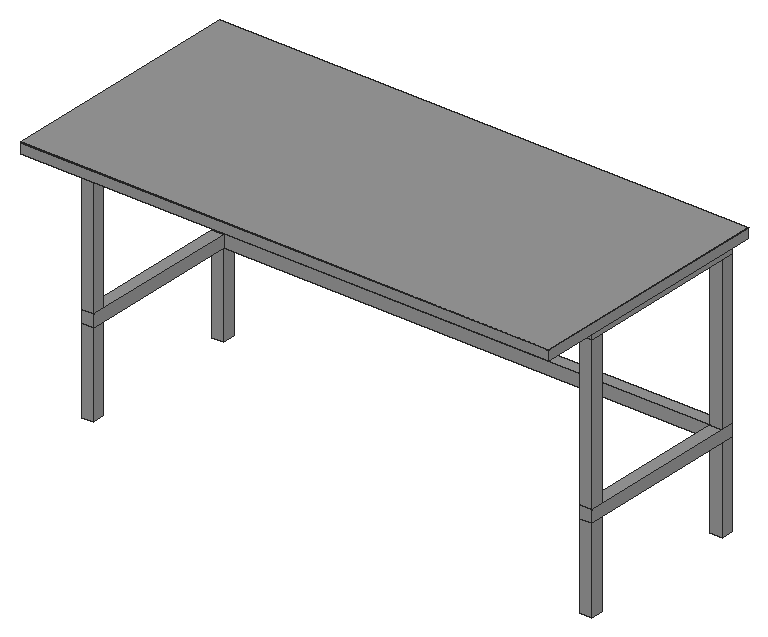
Revit family "SmallBench", category Furniture, Revit 2025
Family settings
  OmniClass Number = 23.40.20.00
  OmniClass Title = General Furniture and Specialties
  Work Plane-Based = No
  Enable Cutting in Views = No
  Always vertical = Yes
  Cut with Voids When Loaded = No
  Render Appearance Source = Family Geometry
  Shared = No
  Room Calculation Point = No
Parameters
  Default Elevation = 0 mm
Reference planes
  plane 1 "CentreLong": y = 0
  plane 2: z = 0
  plane 3 "LeftEdge": x = 0
  plane 4 "FrontEdge": y = -825
  plane 5 "RightEdge": x = 1750
  plane 6 "DrawerFront": y = -610
  plane 7 "LeftSupport": x = 50
  plane 8 "BenchTop": z = 900
  plane 9 "BenchBottom": z = 865
  plane 10 "RightSupport": x = 1700
  plane 11 "BackSupport": y = -50
  plane 12 "DrawerInner": x = 520
Forms (mm)
  Extrusion 1, solid, material "Birch - Glossy"
    sketch origin (0, 0, 0) x (1, 0, 0) y (0, 1, 0)
      loop
        line (0, 0) -> (0, -825) -> (1750, -825) -> (1750, 0) -> (0, 0)
    from 865 to 898
  Extrusion 2, solid, material "Steel, Paint Finish, Dark Gray, Matte"
    sketch origin (1780, -548.097, 0) x (1, 0, 0) y (0, 1, 0)
      loop
        line (-100, 518.097) -> (-100, 478.097) -> (-60, 478.097) -> (-60, 518.097) -> (-100, 518.097)
    from 0 to 825
  Extrusion 3, solid, material "Steel, Paint Finish, Dark Gray, Matte"
    sketch origin (1780, -1115, 0) x (1, 0, 0) y (0, 1, 0)
      loop
        line (-100, 545) -> (-100, 505) -> (-60, 505) -> (-60, 545) -> (-100, 545)
    from 0 to 825
  Extrusion 4, solid, material "Steel, Paint Finish, Dark Gray, Matte"
    sketch origin (-700, -140, 0) x (1, 0, 0) y (0, 1, 0)
      loop
        line (2380, 110) -> (2380, -470) -> (2420, -470) -> (2420, 110) -> (2400, 110) -> (2380, 110)
    from 825 to 865
  Extrusion 5, solid, material "Steel, Paint Finish, Dark Gray, Matte"
    sketch origin (-700, -180, 0) x (1, 0, 0) y (0, 1, 0)
      loop
        line (2380, 150) -> (2380, -430) -> (2420, -430) -> (2420, 150) -> (2380, 150)
    from 280 to 320
  Extrusion 6, solid, not visible
    sketch origin (1780, -548.097, 0) x (1, 0, 0) y (0, 1, 0)
      loop
        line (-100, 518.097) -> (-100, 478.097) -> (-60, 478.097) -> (-60, 518.097) -> (-100, 518.097)
    from 0 to 825
  Extrusion 7, solid, not visible
    sketch origin (1780, -1115, 0) x (1, 0, 0) y (0, 1, 0)
      loop
        line (-100, 545) -> (-100, 505) -> (-60, 505) -> (-60, 545) -> (-100, 545)
    from 0 to 825
  Extrusion 8, solid, not visible
    sketch origin (-700, -140, 0) x (1, 0, 0) y (0, 1, 0)
      loop
        line (2380, 110) -> (2380, -470) -> (2420, -470) -> (2420, 110) -> (2400, 110) -> (2380, 110)
    from 825 to 865
  Extrusion 9, solid, not visible
    sketch origin (-700, -180, 0) x (1, 0, 0) y (0, 1, 0)
      loop
        line (2380, 150) -> (2380, -430) -> (2420, -430) -> (2420, 150) -> (2380, 150)
    from 280 to 320
  Extrusion 10, solid, material "Steel, Paint Finish, Dark Gray, Matte"
    sketch origin (130, -548.097, 0) x (1, 0, 0) y (0, 1, 0)
      loop
        line (-100, 518.097) -> (-100, 478.097) -> (-60, 478.097) -> (-60, 518.097) -> (-100, 518.097)
    from 0 to 825
  Extrusion 11, solid, material "Steel, Paint Finish, Dark Gray, Matte"
    sketch origin (130, -1115, 0) x (1, 0, 0) y (0, 1, 0)
      loop
        line (-100, 545) -> (-100, 505) -> (-60, 505) -> (-60, 545) -> (-100, 545)
    from 0 to 825
  Extrusion 12, solid, material "Steel, Paint Finish, Dark Gray, Matte"
    sketch origin (-2350, -140, 0) x (1, 0, 0) y (0, 1, 0)
      loop
        line (2380, 110) -> (2380, -470) -> (2420, -470) -> (2420, 110) -> (2400, 110) -> (2380, 110)
    from 825 to 865
  Extrusion 13, solid, material "Steel, Paint Finish, Dark Gray, Matte"
    sketch origin (-2350, -180, 0) x (1, 0, 0) y (0, 1, 0)
      loop
        line (2380, 150) -> (2380, -430) -> (2420, -430) -> (2420, 150) -> (2380, 150)
    from 280 to 320
  Extrusion 14, solid, material "Steel, Paint Finish, Dark Gray, Matte"
    sketch origin (0, 0, -200) x (0, 1, 0) y (0, 0, 1)
      loop
        line (-30, 520) -> (-70, 520) -> (-70, 480) -> (-30, 480) -> (-30, 520)
    from 70 to 1680
  Extrusion 15, solid, material "Steel, Paint Finish, Dark Gray, Matte"
    sketch origin (0, 0, 465) x (0, 1, 0) y (0, 0, 1)
      loop
        line (-30, 400) -> (-70, 400) -> (-70, 360) -> (-30, 360) -> (-30, 400)
    from 70 to 1680
  Extrusion 16, solid, material "Asphalt, Pavement"
    sketch origin (0, 0, 0) x (1, 0, 0) y (0, 1, 0)
      loop
        line (0, 0) -> (0, -825) -> (1750, -825) -> (1750, 0) -> (0, 0)
    from 898 to 900
Dimensions and locks
  plane 3 "LeftEdge" to plane 5 "RightEdge" = 1750 mm
  plane 12 "DrawerInner" to Extrusion 3 = 1160 mm
  plane 8 "BenchTop" to level = 900 mm
  plane 5 "RightEdge" to plane 3 "LeftEdge" = 1750 mm
  plane 4 "FrontEdge" to plane 1 "CentreLong" = 825 mm
  aligned and locked: level to plane 2
